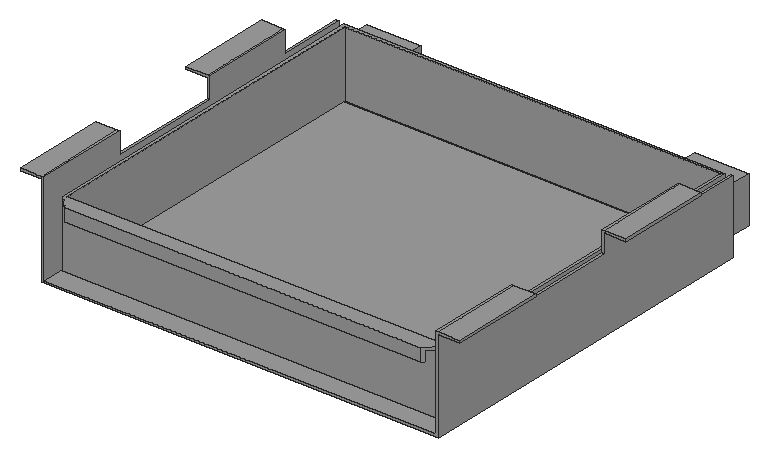
Revit family "Drawer", category Generic Models, Revit 2012
Parameters (values of type "Shelf Drawer")
  Width = 22.12"
  URL = "http://www.wengercorp.com/Home/Contact.html"
  Rubber Bumpers = Rubber Bumper
  Part Number = "241A049"
  Model = "GB SHELF DRAWER"
  Manufacturer = "Wenger Corporation"
  Drawer Visibility [instance] = yes
  Description = "GEARBOSS ATHLETIC SHELVING"
  Aluminum Material = Drawer Metal
Reference planes (in)
  plane 1 "Center (Front/Back)": y = 0
  plane 2: z = 0
  plane 3 "Center (Left/Right)": x = 0
  plane 4: y = -12
  plane 5: y = -13.63
  plane 6: y = -13.73
  plane 7: y = -16.37
  plane 8: y = -21.7
  plane 9: y = -28.88
  plane 10: y = -33.15
  plane 11: y = -33.25
  plane 12: x = 11.06
  plane 13: x = -11.06
Forms (in)
  Extrusion 1, solid, material "Drawer Metal" <- "Aluminum Material", visible <- "Drawer Visibility"
    sketch origin (-60, -33.25, 48) x (-1, 0, 0) y (0, 0, 1)
      loop
        line (-48.94, -48) -> (-48.94, -43.91) -> (-49.07, -43.91) -> (-49.07, -48) -> (-48.94, -48)
    from 0 to 20.5
  Extrusion 2, solid, material "Drawer Metal" <- "Aluminum Material", visible <- "Drawer Visibility"
    sketch origin (-60, -33.25, 48) x (-1, 0, 0) y (0, 0, 1)
      loop
        line (-49.07, -43.91) -> (-48.94, -43.91) -> (-48.94, -42.8536) -> (-47.74, -42.8536) -> (-47.74, -42.72) -> (-48.94, -42.72) -> (-49.07, -42.72) -> (-49.07, -43.91)
    from 0 to 5.25
  Extrusion 3, solid, material "Drawer Metal" <- "Aluminum Material", visible <- "Drawer Visibility"
    sketch origin (-62.75, -21.7, 48) x (-1, 0, 0) y (0, 0, 1)
      loop
        line (-51.82, -43.91) -> (-51.69, -43.91) -> (-51.69, -42.8536) -> (-50.49, -42.8536) -> (-50.49, -42.72) -> (-51.69, -42.72) -> (-51.82, -42.72) -> (-51.82, -43.91)
    from 0 to 5.25
  Extrusion 4, solid, material "Drawer Metal" <- "Aluminum Material", visible <- "Drawer Visibility"
    sketch origin (60, -33.25, 48) x (1, 0, 0) y (0, 0, -1)
      loop
        line (-48.94, 48) -> (-49.07, 48) -> (-49.07, 43.91) -> (-48.94, 43.91) -> (-48.94, 48)
    from 0 to 20.5
  Extrusion 5, solid, material "Drawer Metal" <- "Aluminum Material", visible <- "Drawer Visibility"
    sketch origin (60, -33.25, 48) x (1, 0, 0) y (0, 0, -1)
      loop
        line (-49.07, 43.91) -> (-49.07, 42.72) -> (-48.94, 42.72) -> (-47.74, 42.72) -> (-47.74, 42.8536) -> (-48.94, 42.8536) -> (-48.94, 43.91) -> (-49.07, 43.91)
    from 0 to 5.25
  Extrusion 6, solid, material "Drawer Metal" <- "Aluminum Material", visible <- "Drawer Visibility"
    sketch origin (62.75, -21.7, 48) x (1, 0, 0) y (0, 0, -1)
      loop
        line (-51.82, 43.91) -> (-51.82, 42.72) -> (-51.69, 42.72) -> (-50.49, 42.72) -> (-50.49, 42.8536) -> (-51.69, 42.8536) -> (-51.69, 43.91) -> (-51.82, 43.91)
    from 0 to 5.25
  Extrusion 7, solid, material "Drawer Metal" <- "Aluminum Material", visible <- "Drawer Visibility"
    sketch origin (-60, -33.25, 48) x (-1, 0, 0) y (0, 0, 1)
      loop
        line (-48.94, -48) -> (-48.94, -47.87) -> (-71.06, -47.87) -> (-71.06, -48) -> (-48.94, -48)
    from 0 to 20.5
  Extrusion 8, solid, material "Drawer Metal" <- "Aluminum Material", visible <- "Drawer Visibility"
    sketch origin (0, 0, 0) x (1, 0, 0) y (0, 1, 0)
      loop
        line (-10.62, -12.75) -> (-10.62, -32.37) -> (10.62, -32.37) -> (10.62, -12.75) -> (-10.62, -12.75)
      loop
        line (-10.49, -12.88) -> (-10.49, -32.24) -> (10.49, -32.24) -> (10.49, -12.88) -> (-10.49, -12.88)
    from 0.31 to 4.03
  Extrusion 9, solid, material "Rubber Bumper" <- "Rubber Bumpers", visible <- "Drawer Visibility"
    sketch origin (0, 0, 0) x (1, 0, 0) y (0, 1, 0)
      loop
        line (-10.62, -12.75) -> (-7.62, -12.75) -> (-7.62, -11.12) -> (-10.62, -11.12) -> (-10.62, -12.75)
    from 0.72 to 3.31
  Extrusion 10, solid, material "Rubber Bumper" <- "Rubber Bumpers", visible <- "Drawer Visibility"
    sketch origin (0, 0, 0) x (-1, 0, 0) y (0, -1, 0)
      loop
        line (-10.62, 12.75) -> (-10.62, 11.12) -> (-7.62, 11.12) -> (-7.62, 12.75) -> (-10.62, 12.75)
    from 0.72 to 3.31
  Extrusion 11, solid, material "Drawer Metal" <- "Aluminum Material", visible <- "Drawer Visibility"
    sketch origin (0, 0, 0) x (1, 0, 0) y (0, 1, 0)
      loop
        line (-10.62, -32.37) -> (-9.92, -33.07) -> (9.93, -33.07) -> (10.63, -32.37) -> (-10.62, -32.37)
    from 3.87273 to 4.03
  Extrusion 12, solid, material "Drawer Metal" <- "Aluminum Material", visible <- "Drawer Visibility"
    sketch origin (0, 0, 0) x (1, 0, 0) y (0, 1, 0)
      loop
        line (-9.92, -33.07) -> (9.93, -33.07) -> (10.06, -32.94) -> (-10.05, -32.94) -> (-9.92, -33.07)
    from 3.31 to 3.87273
Cuts and joins
  joined: Extrusion 1, Extrusion 2, Extrusion 3, Extrusion 4, Extrusion 5, Extrusion 6, Extrusion 7
  joined: Extrusion 8, Extrusion 11, Extrusion 12
Dimensions and locks (in)
  locked: plane 4 to plane 1 "Center (Front/Back)" at 12
  plane 4 to plane 5 = 1.63"
  plane 5 to plane 6 = 0.1"
  plane 6 to plane 7 = 2.64"
  plane 7 to plane 8 = 5.33"
  plane 8 to plane 9 = 7.18"
  plane 9 to plane 10 = 4.27"
  plane 10 to plane 11 = 0.1"
  equal spacing: plane 13, plane 3 "Center (Left/Right)", plane 12
  "Width": plane 13 to plane 12
  aligned and locked: plane 2 to level
  aligned and locked: Extrusion 2 sketch curve to plane 13
  aligned and locked: Extrusion 7 sketch curve to level
Automatic sketch dimensions
  Extrusion 1 sketch curve to level = 0"
  Extrusion 1 sketch curve to plane 13 = 0"
  plane 13 to Extrusion 1 sketch curve = 0.13"
  level to Extrusion 1 sketch curve = 4.09"
  Extrusion 2 sketch curve to plane 13 = 0"
  plane 13 to Extrusion 2 sketch curve = 0.13"
  Extrusion 2 sketch curve to Extrusion 2 sketch curve = 1.2"
  level to Extrusion 2 sketch curve = 4.09"
  Extrusion 2 sketch curve to Extrusion 2 sketch curve = 1.0564"
  Extrusion 2 sketch curve to Extrusion 2 sketch curve = 0.1336"
  Extrusion 3 sketch curve to plane 13 = 0"  (x2)
  plane 13 to Extrusion 3 sketch curve = 0.13"
  Extrusion 3 sketch curve to Extrusion 3 sketch curve = 1.2"
  level to Extrusion 3 sketch curve = 4.09"
  Extrusion 3 sketch curve to Extrusion 3 sketch curve = 1.0564"
  Extrusion 3 sketch curve to Extrusion 3 sketch curve = 0.1336"
  Extrusion 4 sketch curve to level = 0"
  Extrusion 4 sketch curve to plane 12 = 0"
  Extrusion 4 sketch curve to Extrusion 4 sketch curve = 0.13"
  level to Extrusion 4 sketch curve = 4.09"
  Extrusion 5 sketch curve to plane 12 = 0"  (x2)
  Extrusion 5 sketch curve to Extrusion 5 sketch curve = 0.13"
  plane 12 to Extrusion 5 sketch curve = 1.2"
  level to Extrusion 5 sketch curve = 5.28"
  Extrusion 5 sketch curve to Extrusion 5 sketch curve = 0.1336"
  Extrusion 5 sketch curve to Extrusion 5 sketch curve = 1.0564"
  Extrusion 6 sketch curve to plane 12 = 0"  (x2)
  Extrusion 6 sketch curve to Extrusion 6 sketch curve = 0.13"
  plane 12 to Extrusion 6 sketch curve = 1.2"
  level to Extrusion 6 sketch curve = 5.28"
  Extrusion 6 sketch curve to Extrusion 6 sketch curve = 0.1336"
  Extrusion 6 sketch curve to Extrusion 6 sketch curve = 1.0564"
  Extrusion 7 sketch curve to plane 12 = 0"
  Extrusion 7 sketch curve to plane 13 = 0"
  Extrusion 7 sketch curve to Extrusion 7 sketch curve = 0.13"
  plane 13 to Extrusion 8 sketch curve = 0.44"
  Extrusion 8 sketch curve to Extrusion 8 sketch curve = 0.13"  (x4)
  Extrusion 8 sketch curve to plane 12 = 0.57"
  plane 10 to Extrusion 8 sketch curve = 0.78"
  plane 5 to Extrusion 8 sketch curve = 0.75"
  plane 13 to Extrusion 9 sketch curve = 0.44"
  plane 4 to Extrusion 9 sketch curve = 0.88"
  Extrusion 9 sketch curve to Extrusion 9 sketch curve = 3"
  Extrusion 9 sketch curve to plane 4 = 0.75"
  plane 12 to Extrusion 10 sketch curve = 0.44"
  Extrusion 10 sketch curve to plane 4 = 0.88"
  Extrusion 10 sketch curve to Extrusion 10 sketch curve = 3"
  plane 4 to Extrusion 10 sketch curve = 0.75"
  plane 13 to Extrusion 11 sketch curve = 0.44"
  plane 10 to Extrusion 11 sketch curve = 0.08"
  Extrusion 11 sketch curve to Extrusion 11 sketch curve = 0.7"
  Extrusion 11 sketch curve to plane 12 = 1.13"
  plane 10 to Extrusion 11 sketch curve = 0.78"
  Extrusion 11 sketch curve to plane 12 = 0.43"
  plane 10 to Extrusion 12 sketch curve = 0.21"
  plane 13 to Extrusion 12 sketch curve = 1.01"
  Extrusion 12 sketch curve to Extrusion 12 sketch curve = 0.13"  (x2)
  plane 10 to Extrusion 12 sketch curve = 0.08"
  Extrusion 12 sketch curve to plane 12 = 1.13"
